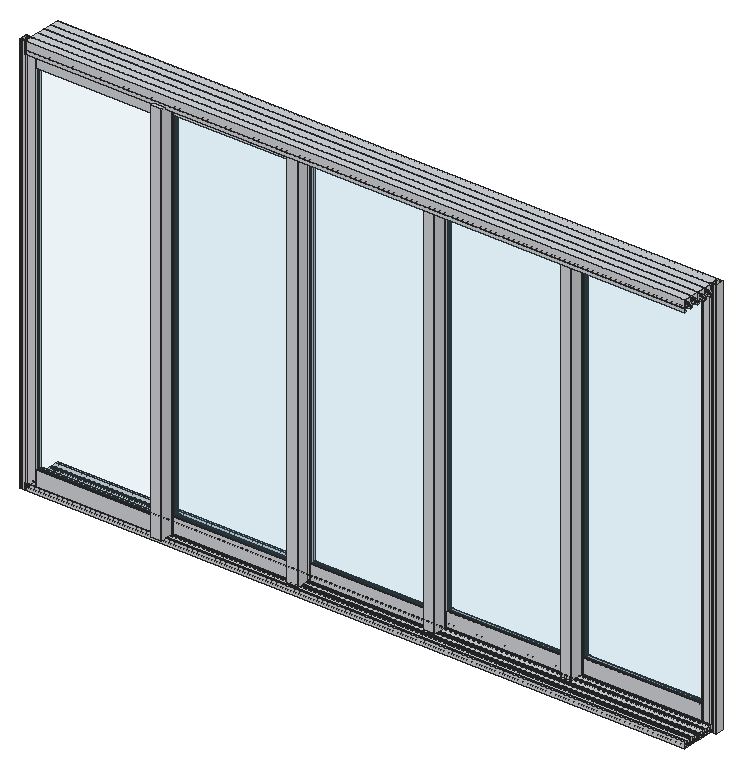
Revit family "MT-HB_SLIDING DOOR_XXXXX", category Doors, host Wall, Revit 2017 (continued)
Definition of nested family "DETAIL_HB_DETAIL 01"
  Lines and regions (mm)
    model lines, in view "Ref. Level"
      curve 283: arc (-6, -81.64, 0) -> (-6.707, -81.933, 0) -> (-7, -82.64, 0) r 1
      curve 284: arc (-9.75, -71.14, 0) -> (-10.457, -71.433, 0) -> (-10.75, -72.14, 0) r 1
      curve 285: arc (10.75, -72.14, 0) -> (10.457, -71.433, 0) -> (9.75, -71.14, 0) r 1
      curve 286: line (-4.124, -59.084, 0) -> (3.881, -58.484, 0)
      curve 287: line (-4.119, -59.833, 0) -> (3.891, -59.233, 0)
      curve 288: line (-4.124, -60.671, 0) -> (3.881, -60.071, 0)
      curve 289: line (-4.119, -61.421, 0) -> (3.881, -60.821, 0)
      curve 290: line (-4.119, -61.667, 0) -> (-4.119, -61.421, 0)
      curve 291: line (-4.119, -60.099, 0) -> (-4.119, -59.833, 0)
      curve 292: line (3.881, -58.229, 0) -> (3.881, -58.484, 0)
      curve 293: line (3.881, -59.817, 0) -> (3.881, -60.071, 0)
      curve 294: line (-4.124, -55.909, 0) -> (3.881, -55.309, 0)
      curve 295: line (-4.119, -56.658, 0) -> (3.891, -56.058, 0)
      curve 296: line (-4.124, -57.496, 0) -> (3.881, -56.896, 0)
      curve 297: line (-4.119, -58.246, 0) -> (3.881, -57.646, 0)
      curve 298: line (-4.119, -58.512, 0) -> (-4.119, -58.246, 0)
      curve 299: line (-4.119, -56.924, 0) -> (-4.119, -56.658, 0)
      curve 300: line (3.881, -55.054, 0) -> (3.881, -55.309, 0)
      curve 301: line (3.881, -56.642, 0) -> (3.881, -56.896, 0)
      curve 302: line (-4.135, -52.754, 0) -> (3.871, -52.154, 0)
      curve 303: line (-4.129, -53.503, 0) -> (3.88, -52.903, 0)
      curve 304: line (-4.135, -54.341, 0) -> (3.871, -53.741, 0)
      curve 305: line (-4.129, -55.091, 0) -> (3.871, -54.491, 0)
      curve 306: line (-4.129, -55.331, 0) -> (-4.129, -55.091, 0)
      curve 307: line (-4.129, -53.769, 0) -> (-4.129, -53.503, 0)
      curve 308: line (3.871, -51.899, 0) -> (3.871, -52.154, 0)
      curve 309: line (3.871, -53.487, 0) -> (3.871, -53.741, 0)
      curve 310: line (-4.145, -49.598, 0) -> (-0.82, -49.34, 0)
      curve 311: line (-4.139, -50.348, 0) -> (3.869, -49.748, 0)
      curve 312: line (-4.145, -51.186, 0) -> (3.861, -50.586, 0)
      curve 313: line (-4.139, -51.935, 0) -> (3.861, -51.336, 0)
      curve 314: line (-4.139, -52.176, 0) -> (-4.139, -51.935, 0)
      curve 315: line (-4.139, -50.614, 0) -> (-4.139, -50.348, 0)
      curve 316: line (3.861, -50.332, 0) -> (3.861, -50.586, 0)
      curve 317: line (0, -40.84, 0) -> (-10.5, -40.84, 0)
      curve 318: line (-10.5, -40.84, 0) -> (-11, -41.34, 0)
      curve 319: line (-11, -41.34, 0) -> (-11, -48.84, 0)
      curve 320: line (-11, -48.84, 0) -> (-10.5, -49.34, 0)
      curve 321: line (-10.5, -49.34, 0) -> (10.5, -49.34, 0)
      curve 322: line (10.5, -49.34, 0) -> (11, -48.84, 0)
      curve 323: line (11, -48.84, 0) -> (11, -41.34, 0)
      curve 324: line (11, -41.34, 0) -> (10.5, -40.84, 0)
      curve 325: line (10.5, -40.84, 0) -> (0, -40.84, 0)
      curve 326: line (5.5, -40.84, 0) -> (5.5, -39.04, 0)
      curve 327: line (5.5, -39.04, 0) -> (5, -38.54, 0)
      curve 328: line (5, -38.54, 0) -> (5.577, -37.54, 0)
      curve 329: line (-5.577, -37.54, 0) -> (-5, -38.54, 0)
      curve 330: line (-5, -38.54, 0) -> (-5.5, -39.04, 0)
      curve 331: line (-5.5, -39.04, 0) -> (-5.5, -40.84, 0)
      curve 332: line (15.5, -18.29, 0) -> (15, -18.29, 0)
      curve 333: line (15, -18.29, 0) -> (14.5, -18.79, 0)
      curve 334: line (14.5, -31.29, 0) -> (15, -31.79, 0)
      curve 335: line (15, -31.79, 0) -> (15.5, -31.79, 0)
      curve 336: line (-15.5, -31.79, 0) -> (-15, -31.79, 0)
      curve 337: line (-15, -31.79, 0) -> (-14.5, -31.29, 0)
      curve 338: line (-14.5, -18.79, 0) -> (-15, -18.29, 0)
      curve 339: line (-15, -18.29, 0) -> (-15.5, -18.29, 0)
      curve 340: line (-14.5, -17.04, 0) -> (-14.5, -33.04, 0)
      curve 341: line (-14.5, -33.04, 0) -> (-14, -33.54, 0)
      curve 342: line (-14, -33.54, 0) -> (14, -33.54, 0)
      curve 343: line (14, -33.54, 0) -> (14.5, -33.04, 0)
      curve 344: line (14.5, -33.04, 0) -> (14.5, -17.04, 0)
      curve 345: line (14.5, -17.04, 0) -> (14, -16.54, 0)
      curve 346: line (14, -16.54, 0) -> (-14, -16.54, 0)
      curve 347: line (-14, -16.54, 0) -> (-14.5, -17.04, 0)
      curve 348: line (-7.5, -37.54, 0) -> (-7.5, -40.241, 0)
      curve 349: line (-7.5, -40.241, 0) -> (-7.244, -40.241, 0)
      curve 350: line (7.244, -40.241, 0) -> (7.5, -40.241, 0)
      curve 351: line (7.5, -40.241, 0) -> (7.5, -37.54, 0)
      curve 352: line (7.94, -70.245, 0) -> (7.94, -66.912, 0)
      curve 353: line (7.94, -66.912, 0) -> (6.776, -66.24, 0)
      curve 354: line (6.776, -66.24, 0) -> (0, -66.24, 0)
      curve 355: line (0, -66.24, 0) -> (-6.776, -66.24, 0)
      curve 356: line (-6.776, -66.24, 0) -> (-7.94, -66.912, 0)
      curve 357: line (-7.94, -66.912, 0) -> (-7.94, -70.24, 0)
      curve 358: line (9, -71.04, 0) -> (8.9, -70.24, 0)
      curve 359: line (8.9, -70.24, 0) -> (-9, -70.34, 0)
      curve 360: line (-9, -70.34, 0) -> (-9, -71.04, 0)
      curve 361: line (4.989, -74.051, 0) -> (4.711, -73.89, 0)
      curve 362: line (4.711, -73.89, 0) -> (-4.711, -73.89, 0)
      curve 363: line (-4.711, -73.89, 0) -> (-5, -74.057, 0)
      curve 364: line (-2.95, -88.64, 0) -> (-2.95, -89.29, 0)
      curve 365: line (-2.95, -89.29, 0) -> (-2.2, -90.04, 0)
      curve 366: line (-2.2, -90.04, 0) -> (2.2, -90.04, 0)
      curve 367: line (2.2, -90.04, 0) -> (2.95, -89.29, 0)
      curve 368: line (2.95, -89.29, 0) -> (2.95, -88.64, 0)
      curve 369: line (6, -78.64, 0) -> (6, -78.04, 0)
      curve 370: line (6, -78.04, 0) -> (0, -78.04, 0)
      curve 371: line (0, -78.04, 0) -> (-6, -78.04, 0)
      curve 372: line (-6, -78.04, 0) -> (-6, -78.64, 0)
      curve 373: line (4.01, -66.209, 0) -> (3.773, -66.085, 0)
      curve 374: line (3.773, -66.085, 0) -> (3.75, -65.909, 0)
      curve 375: line (3.772, -65.851, 0) -> (4.01, -65.726, 0)
      curve 376: line (4.01, -65.726, 0) -> (4, -64.896, 0)
      curve 377: line (4.01, -64.622, 0) -> (3.773, -64.497, 0)
      curve 378: line (3.773, -64.497, 0) -> (3.75, -64.321, 0)
      curve 379: line (3.772, -64.263, 0) -> (4.01, -64.138, 0)
      curve 380: line (4.01, -64.138, 0) -> (4, -63.308, 0)
      curve 381: line (4.01, -63.034, 0) -> (3.773, -62.91, 0)
      curve 382: line (3.773, -62.91, 0) -> (3.75, -62.734, 0)
      curve 383: line (3.772, -62.676, 0) -> (4.01, -62.551, 0)
      curve 384: line (4.01, -62.551, 0) -> (4, -61.721, 0)
      curve 385: line (-4, -64.924, 0) -> (-3.804, -65.027, 0)
      curve 386: line (-3.804, -65.027, 0) -> (-3.723, -65.219, 0)
      curve 387: line (-3.803, -65.326, 0) -> (-4.006, -65.433, 0)
      curve 388: line (-4.006, -65.433, 0) -> (-4, -66.24, 0)
      curve 389: line (-4, -63.336, 0) -> (-3.804, -63.439, 0)
      curve 390: line (-3.804, -63.439, 0) -> (-3.723, -63.631, 0)
      curve 391: line (-3.803, -63.739, 0) -> (-4.006, -63.845, 0)
      curve 392: line (-4.006, -63.845, 0) -> (-4, -64.658, 0)
      curve 393: line (-4.008, -61.745, 0) -> (-3.804, -61.852, 0)
      curve 394: line (-3.804, -61.852, 0) -> (-3.75, -62.057, 0)
      curve 395: line (-3.803, -62.151, 0) -> (-4.006, -62.258, 0)
      curve 396: line (-4.006, -62.258, 0) -> (-4, -63.07, 0)
      curve 397: line (11, -41.34, 0) -> (0, -41.34, 0)
      curve 398: line (0, -41.34, 0) -> (-11, -41.34, 0)
      curve 399: line (-11, -48.84, 0) -> (11, -48.84, 0)
      curve 400: line (5.5, -39.04, 0) -> (0, -39.04, 0)
      curve 401: line (0, -39.04, 0) -> (-5.5, -39.04, 0)
      curve 402: line (5, -38.54, 0) -> (-5, -38.54, 0)
      curve 403: line (-5, -38.54, 0) -> (0, -38.54, 0)
      curve 404: line (0, -38.54, 0) -> (5, -38.54, 0)
      curve 405: line (-1.195, -29.704, 0) -> (-0.677, -28.257, 0)
      curve 406: line (0.676, -28.255, 0) -> (1.195, -29.704, 0)
      curve 407: line (3.441, -28.407, 0) -> (2.488, -27.283, 0)
      curve 408: line (2.467, -22.822, 0) -> (3.441, -21.673, 0)
      curve 409: line (1.195, -20.376, 0) -> (0.676, -21.825, 0)
      curve 410: line (-0.676, -21.825, 0) -> (-1.195, -20.376, 0)
      curve 411: line (-3.441, -21.673, 0) -> (-2.473, -22.815, 0)
      curve 412: line (-3.152, -24.013, 0) -> (-4.636, -23.743, 0)
      curve 413: line (-4.636, -26.337, 0) -> (-3.138, -26.065, 0)
      curve 414: line (-2.461, -27.251, 0) -> (-3.441, -28.407, 0)
      curve 415: line (26.5, -7.202, 0) -> (26.5, -42.878, 0)
      curve 416: line (15.5, -42.878, 0) -> (15.5, -7.202, 0)
      curve 417: line (15, -18.29, 0) -> (15, -31.79, 0)
      curve 418: line (-15.5, -7.202, 0) -> (-15.5, -42.878, 0)
      curve 419: line (-26.5, -42.878, 0) -> (-26.5, -7.202, 0)
      curve 420: line (-15, -31.79, 0) -> (-15, -18.29, 0)
      curve 421: line (-5.942, -19.684, 0) -> (-4.108, -19.684, 0)
      curve 422: line (4.108, -19.684, 0) -> (5.942, -19.684, 0)
      curve 423: line (5.942, -30.396, 0) -> (4.108, -30.396, 0)
      curve 424: line (-4.108, -30.396, 0) -> (-5.942, -30.396, 0)
      curve 425: line (-14, -16.54, 0) -> (-14, -33.54, 0)
      curve 426: line (14, -33.54, 0) -> (14, -16.54, 0)
      curve 427: line (-8.5, -37.54, 0) -> (-8.5, -34.54, 0)
      curve 428: line (-8.5, -34.54, 0) -> (-2.5, -34.54, 0)
      curve 429: line (-2.5, -34.54, 0) -> (2.5, -34.54, 0)
      curve 430: line (2.5, -34.54, 0) -> (8.5, -34.54, 0)
      curve 431: line (8.5, -34.54, 0) -> (8.5, -37.54, 0)
      curve 432: line (8.5, -37.54, 0) -> (2.5, -37.54, 0)
      curve 433: line (2.5, -37.54, 0) -> (-2.5, -37.54, 0)
      curve 434: line (-2.5, -37.54, 0) -> (-8.5, -37.54, 0)
      curve 435: line (3.145, -24.014, 0) -> (4.637, -23.743, 0)
      curve 436: line (4.637, -23.743, 0) -> (4.833, -24.233, 0)
      curve 437: line (4.833, -24.233, 0) -> (4.9, -25.04, 0)
      curve 438: line (4.9, -25.04, 0) -> (4.833, -25.847, 0)
      curve 439: line (4.833, -25.847, 0) -> (4.723, -26.344, 0)
      curve 440: line (4.723, -26.344, 0) -> (3.164, -26.069, 0)
      curve 441: line (4.228, -26.257, 0) -> (4.333, -25.804, 0)
      curve 442: line (4.333, -25.804, 0) -> (4.4, -25.04, 0)
      curve 443: line (4.4, -25.04, 0) -> (4.333, -24.276, 0)
      curve 444: line (4.333, -24.276, 0) -> (4.227, -23.818, 0)
      curve 445: line (-8.5, -34.54, 0) -> (-8.5, -33.54, 0)
      curve 446: line (8.5, -34.54, 0) -> (8.5, -33.54, 0)
      curve 447: line (3.97, -66.912, 0) -> (3.97, -70.24, 0)
      curve 448: line (-3.97, -66.912, 0) -> (-3.97, -70.24, 0)
      curve 449: line (4.814, -78.04, 0) -> (4.814, -74.49, 0)
      curve 450: line (-0.317, -78.04, 0) -> (-0.317, -74.49, 0)
      curve 451: line (-5.13, -78.04, 0) -> (-5.13, -74.49, 0)
      curve 452: line (2.95, -89.29, 0) -> (-2.95, -89.29, 0)
      curve 453: line (5.13, -78.04, 0) -> (5.13, -74.49, 0)
      curve 454: line (8.75, -81.64, 0) -> (-8.75, -81.64, 0)
      curve 455: line (-8.75, -81.64, 0) -> (-10.75, -81.64, 0)
      curve 456: line (-10.75, -81.64, 0) -> (-10.75, -78.64, 0)
      curve 457: line (-10.75, -78.64, 0) -> (-8.75, -78.64, 0)
      curve 458: line (-8.75, -78.64, 0) -> (8.75, -78.64, 0)
      curve 459: line (8.75, -78.64, 0) -> (10.75, -78.64, 0)
      curve 460: line (10.75, -78.64, 0) -> (10.75, -81.64, 0)
      curve 461: line (10.75, -81.64, 0) -> (8.75, -81.64, 0)
      curve 462: line (9.5, -85.14, 0) -> (9.5, -87.64, 0)
      curve 463: line (8.5, -88.64, 0) -> (4.5, -88.64, 0)
      curve 464: line (4.5, -88.64, 0) -> (-4.5, -88.64, 0)
      curve 465: line (-4.5, -88.64, 0) -> (-8.5, -88.64, 0)
      curve 466: line (-9.5, -87.64, 0) -> (-9.5, -85.14, 0)
      curve 467: line (7, -81.64, 0) -> (7, -82.64, 0)
      curve 468: line (7, -82.64, 0) -> (7, -84.64, 0)
      curve 469: line (7, -84.64, 0) -> (9, -84.64, 0)
      curve 470: line (-9, -84.64, 0) -> (-6.999, -84.64, 0)
      curve 471: line (-6.999, -84.64, 0) -> (-6.999, -82.64, 0)
      curve 472: line (-6.999, -82.64, 0) -> (-6.999, -81.64, 0)
      curve 473: line (-9.75, -71.14, 0) -> (9.75, -71.14, 0)
      curve 474: line (10.75, -72.14, 0) -> (10.75, -78.64, 0)
      curve 475: line (-10.75, -78.64, 0) -> (-10.75, -72.14, 0)
      curve 476: line (2.484, -25.04, 0) -> (0, -25.04, 0)
      curve 477: line (0, -25.04, 0) -> (-2.484, -25.04, 0)
      curve 478: line (3.892, -59.797, 0) -> (3.655, -59.673, 0)
      curve 479: line (3.655, -59.673, 0) -> (3.631, -59.497, 0)
      curve 480: line (3.653, -59.439, 0) -> (3.892, -59.314, 0)
      curve 481: line (3.892, -59.314, 0) -> (3.881, -58.484, 0)
      curve 482: line (3.892, -58.21, 0) -> (3.662, -58.089, 0)
      curve 483: line (-4.119, -60.099, 0) -> (-3.922, -60.202, 0)
      curve 484: line (-3.922, -60.202, 0) -> (-3.842, -60.394, 0)
      curve 485: line (-3.922, -60.501, 0) -> (-4.125, -60.608, 0)
      curve 486: line (-4.125, -60.608, 0) -> (-4.119, -61.421, 0)
      curve 487: line (-4.119, -58.512, 0) -> (-3.922, -58.615, 0)
      curve 488: line (-3.922, -58.615, 0) -> (-3.869, -58.82, 0)
      curve 489: line (-3.922, -58.914, 0) -> (-4.125, -59.021, 0)
      curve 490: line (-4.125, -59.021, 0) -> (-4.119, -59.833, 0)
      curve 491: line (3.881, -60.071, 0) -> (3.881, -60.821, 0)
      curve 492: line (3.881, -60.821, 0) -> (3.772, -61.088, 0)
      curve 493: line (3.75, -61.146, 0) -> (3.773, -61.322, 0)
      curve 494: line (3.773, -61.322, 0) -> (4.01, -61.447, 0)
      curve 495: line (4.01, -61.447, 0) -> (3.773, -61.322, 0)
      curve 496: line (3.892, -56.622, 0) -> (3.655, -56.498, 0)
      curve 497: line (3.655, -56.498, 0) -> (3.631, -56.322, 0)
      curve 498: line (3.653, -56.264, 0) -> (3.892, -56.139, 0)
      curve 499: line (3.892, -56.139, 0) -> (3.881, -55.309, 0)
      curve 500: line (3.892, -55.035, 0) -> (3.662, -54.914, 0)
      curve 501: line (-4.119, -56.924, 0) -> (-3.922, -57.027, 0)
      curve 502: line (-3.922, -57.027, 0) -> (-3.869, -57.233, 0)
      curve 503: line (-3.922, -57.326, 0) -> (-4.125, -57.433, 0)
      curve 504: line (-4.125, -57.433, 0) -> (-4.119, -58.246, 0)
      curve 505: line (-4.129, -55.331, 0) -> (-3.922, -55.44, 0)
      curve 506: line (-3.922, -55.44, 0) -> (-3.869, -55.645, 0)
      curve 507: line (-3.922, -55.739, 0) -> (-4.125, -55.846, 0)
      curve 508: line (-4.125, -55.846, 0) -> (-4.119, -56.658, 0)
      curve 509: line (3.881, -56.896, 0) -> (3.881, -57.646, 0)
      curve 510: line (3.881, -53.467, 0) -> (3.644, -53.343, 0)
      curve 511: line (3.644, -53.343, 0) -> (3.621, -53.166, 0)
      curve 512: line (3.643, -53.108, 0) -> (3.881, -52.983, 0)
      curve 513: line (3.881, -52.983, 0) -> (3.871, -52.154, 0)
      curve 514: line (-4.129, -53.769, 0) -> (-3.933, -53.872, 0)
      curve 515: line (-3.933, -53.872, 0) -> (-3.852, -54.064, 0)
      curve 516: line (-3.932, -54.171, 0) -> (-4.135, -54.278, 0)
      curve 517: line (-4.135, -54.278, 0) -> (-4.129, -55.091, 0)
      curve 518: line (-4.139, -52.176, 0) -> (-3.933, -52.284, 0)
      curve 519: line (-3.933, -52.284, 0) -> (-3.852, -52.477, 0)
      curve 520: line (-3.932, -52.584, 0) -> (-4.135, -52.691, 0)
      curve 521: line (-4.135, -52.691, 0) -> (-4.129, -53.503, 0)
      curve 522: line (3.871, -53.741, 0) -> (3.871, -54.491, 0)
      curve 523: line (3.871, -50.312, 0) -> (3.634, -50.187, 0)
      curve 524: line (3.634, -50.187, 0) -> (3.611, -50.011, 0)
      curve 525: line (3.632, -49.953, 0) -> (3.871, -49.828, 0)
      curve 526: line (3.871, -49.828, 0) -> (3.861, -49.34, 0)
      curve 527: line (-4.139, -50.614, 0) -> (-3.943, -50.717, 0)
      curve 528: line (-3.943, -50.717, 0) -> (-3.863, -50.909, 0)
      curve 529: line (-3.942, -51.016, 0) -> (-4.146, -51.123, 0)
      curve 530: line (-4.146, -51.123, 0) -> (-4.139, -51.935, 0)
      curve 531: line (-3.942, -49.429, 0) -> (-4.146, -49.536, 0)
      curve 532: line (-4.146, -49.536, 0) -> (-4.139, -50.348, 0)
      curve 533: line (3.861, -50.586, 0) -> (3.861, -51.336, 0)
      curve 534: line (3.861, -51.336, 0) -> (3.643, -51.521, 0)
      curve 535: line (3.621, -51.579, 0) -> (3.644, -51.755, 0)
      curve 536: line (3.644, -51.755, 0) -> (3.881, -51.879, 0)
      curve 537: line (27.703, -82.923, 0) -> (26.903, -82.923, 0)
      curve 538: line (26.903, -82.923, 0) -> (26.903, -76.023, 0)
      curve 539: line (26.903, -76.023, 0) -> (27.703, -76.023, 0)
      curve 540: line (27.703, -76.023, 0) -> (27.703, -82.923, 0)
      curve 541: line (20.703, -79.473, 0) -> (26.903, -79.473, 0)
      curve 542: line (26.903, -79.473, 0) -> (20.703, -79.473, 0)
      curve 543: line (20.703, -79.473, 0) -> (26.903, -79.473, 0)
      curve 544: line (26.903, -79.473, 0) -> (20.703, -79.473, 0)
      curve 545: line (26.903, -80.193, 0) -> (20.706, -80.401, 0)
      curve 546: line (26.903, -80.913, 0) -> (20.713, -81.276, 0)
      curve 547: line (26.903, -81.633, 0) -> (20.74, -82.307, 0)
      curve 548: line (26.903, -78.753, 0) -> (20.706, -78.545, 0)
      curve 549: line (26.903, -78.033, 0) -> (20.713, -77.67, 0)
      curve 550: line (26.903, -77.313, 0) -> (20.74, -76.639, 0)
      curve 551: line (-27.722, -75.967, 0) -> (-26.922, -75.967, 0)
      curve 552: line (-26.922, -75.967, 0) -> (-26.922, -82.867, 0)
      curve 553: line (-26.922, -82.867, 0) -> (-27.722, -82.867, 0)
      curve 554: line (-27.722, -82.867, 0) -> (-27.722, -75.967, 0)
      curve 555: line (-20.722, -79.417, 0) -> (-26.922, -79.417, 0)
      curve 556: line (-26.922, -79.417, 0) -> (-20.722, -79.417, 0)
      curve 557: line (-20.722, -79.417, 0) -> (-26.922, -79.417, 0)
      curve 558: line (-26.922, -79.417, 0) -> (-20.722, -79.417, 0)
      curve 559: line (-26.922, -78.697, 0) -> (-20.724, -78.489, 0)
      curve 560: line (-26.922, -77.977, 0) -> (-20.731, -77.614, 0)
      curve 561: line (-26.922, -77.257, 0) -> (-20.759, -76.584, 0)
      curve 562: line (-26.922, -80.137, 0) -> (-20.724, -80.345, 0)
      curve 563: line (-26.922, -80.857, 0) -> (-20.731, -81.22, 0)
      curve 564: line (-26.922, -81.577, 0) -> (-20.759, -82.251, 0)
Definition of nested family "DETAIL_ARROW"
  Reference planes
    plane 1 "Center (Front/Back)": y = 0
    plane 2: z = 0
    plane 3 "Center (Left/Right)": x = 0
  Lines and regions (mm)
    detail lines, in view "Ref. Level"
      curve 1: line (-100, 20, 0) -> (100, 20, 0)
      curve 2: line (-100, -20, 0) -> (100, -20, 0)
      curve 3: line (-100, -20, 0) -> (-100, 20, 0)
      curve 4: line (100, 20, 0) -> (52.86, 67.14, 0)
      curve 5: line (100, -20, 0) -> (52.86, -67.14, 0)
      curve 6: line (176.569, 0, 0) -> (81.144, -95.425, 0)
      curve 7: line (176.569, 0, 0) -> (81.144, 95.425, 0)
      curve 8: line (52.86, 67.14, 0) -> (81.144, 95.425, 0)
      curve 9: line (52.86, -67.14, 0) -> (81.144, -95.425, 0)
Definition of nested family "DETAIL_HB_SILL FRAME"
  Reference planes
    plane 1 "Center (Front/Back)": y = 0
    plane 2: z = 0
    plane 3 "Center (Left/Right)": x = 0
  Lines and regions (mm)
    model lines, in view "Ref. Level"
      curve 1: arc (17.2, 44.6, 0) -> (17.083, 44.883, 0) -> (16.8, 45, 0) r 0.4
      curve 2: arc (16.2, 42.55, 0) -> (16.7, 42.05, 0) -> (17.2, 42.55, 0) r 0.5
      curve 3: arc (17.2, 36.95, 0) -> (16.7, 37.45, 0) -> (16.2, 36.95, 0) r 0.5
      curve 4: arc (16.2, 34.5, 0) -> (16.907, 34.793, 0) -> (17.2, 35.5, 0) r 1
      curve 5: arc (15.3, 34.5, 0) -> (14.946, 34.354, 0) -> (14.8, 34, 0) r 0.5
      curve 6: arc (14.448, 20.479, 0) -> (14.693, 20.544, 0) -> (14.8, 20.774, 0) r 0.3
      curve 7: arc (13.187, 20.701, 0) -> (13.092, 20.695, 0) -> (13.011, 20.645, 0) r 0.2
      curve 8: arc (11.727, 17.75, 0) -> (11.874, 17.396, 0) -> (12.228, 17.25, 0) r 0.5
      curve 9: arc (12.229, 16.05, 0) -> (12.829, 16.651, 0) -> (12.228, 17.25, 0) r 0.6
      curve 10: arc (10.527, 17.05, 0) -> (10.82, 16.343, 0) -> (11.527, 16.05, 0) r 1
      curve 11: arc (10.82, 20.152, 0) -> (10.603, 19.828, 0) -> (10.527, 19.445, 0) r 1
      curve 12: arc (13.4, 42, 0) -> (13.107, 42.707, 0) -> (12.4, 43, 0) r 1
      curve 13: arc (2.89, 43, 0) -> (2.74, 42.96, 0) -> (2.63, 42.85, 0) r 0.3
      curve 14: arc (2.37, 42.7, 0) -> (2.52, 42.74, 0) -> (2.63, 42.85, 0) r 0.3
      curve 15: arc (0.89, 43, 0) -> (0.978, 42.788, 0) -> (1.19, 42.7, 0) r 0.3
      curve 16: arc (0.89, 43, 0) -> (0.802, 43.212, 0) -> (0.59, 43.3, 0) r 0.3
      curve 17: arc (-0.59, 43.3, 0) -> (-0.74, 43.26, 0) -> (-0.85, 43.15, 0) r 0.3
      curve 18: arc (-1.11, 43, 0) -> (-0.96, 43.04, 0) -> (-0.85, 43.15, 0) r 0.3
      curve 19: arc (-12.4, 43, 0) -> (-13.107, 42.707, 0) -> (-13.4, 42, 0) r 1
      curve 20: arc (-14.4, 15, 0) -> (-13.693, 15.293, 0) -> (-13.4, 16, 0) r 1
      curve 21: arc (-17.43, 16.4, 0) -> (-18.13, 15.7, 0) -> (-17.43, 15, 0) r 0.7
      curve 22: arc (-15.3, 16.4, 0) -> (-14.946, 16.546, 0) -> (-14.8, 16.9, 0) r 0.5
      curve 23: arc (-14.8, 34, 0) -> (-14.946, 34.354, 0) -> (-15.3, 34.5, 0) r 0.5
      curve 24: arc (-17.2, 35.5, 0) -> (-16.907, 34.793, 0) -> (-16.2, 34.5, 0) r 1
      curve 25: arc (-16.2, 36.95, 0) -> (-16.7, 37.45, 0) -> (-17.2, 36.95, 0) r 0.5
      curve 26: arc (-17.2, 42.55, 0) -> (-16.7, 42.05, 0) -> (-16.2, 42.55, 0) r 0.5
      curve 27: arc (-16.8, 45, 0) -> (-17.083, 44.883, 0) -> (-17.2, 44.6, 0) r 0.4
      curve 28: arc (-13.498, 44.8, 0) -> (-13.557, 44.941, 0) -> (-13.698, 45, 0) r 0.2
      curve 29: arc (-10.298, 45, 0) -> (-10.44, 44.941, 0) -> (-10.498, 44.8, 0) r 0.2
      curve 30: arc (-5.499, 44.8, 0) -> (-5.558, 44.941, 0) -> (-5.699, 45, 0) r 0.2
      curve 31: arc (-2.3, 45, 0) -> (-2.441, 44.941, 0) -> (-2.5, 44.8, 0) r 0.2
      curve 32: arc (2.5, 44.8, 0) -> (2.441, 44.941, 0) -> (2.3, 45, 0) r 0.2
      curve 33: arc (5.699, 45, 0) -> (5.558, 44.941, 0) -> (5.499, 44.8, 0) r 0.2
      curve 34: arc (10.498, 44.8, 0) -> (10.44, 44.941, 0) -> (10.298, 45, 0) r 0.2
      curve 35: arc (13.698, 45, 0) -> (13.557, 44.941, 0) -> (13.498, 44.8, 0) r 0.2
      curve 36: line (17.2, 44.6, 0) -> (17.2, 42.55, 0)
      curve 37: line (16.2, 42.55, 0) -> (16.2, 43.5, 0)
      curve 38: line (16.2, 43.5, 0) -> (14.9, 43.5, 0)
      curve 39: line (14.9, 43.5, 0) -> (14.9, 36, 0)
      curve 40: line (14.9, 36, 0) -> (16.2, 36, 0)
      curve 41: line (16.2, 36, 0) -> (16.2, 36.95, 0)
      curve 42: line (17.2, 36.95, 0) -> (17.2, 35.5, 0)
      curve 43: line (16.2, 34.5, 0) -> (15.3, 34.5, 0)
      curve 44: line (14.8, 34, 0) -> (14.8, 20.774, 0)
      curve 45: line (14.448, 20.479, 0) -> (13.187, 20.701, 0)
      curve 46: line (13.011, 20.645, 0) -> (11.786, 19.42, 0)
      curve 47: line (11.786, 19.42, 0) -> (11.727, 17.75, 0)
      curve 48: line (12.229, 16.05, 0) -> (11.527, 16.05, 0)
      curve 49: line (10.527, 17.05, 0) -> (10.527, 19.445, 0)
      curve 50: line (10.82, 20.152, 0) -> (13.341, 22.673, 0)
      curve 51: line (13.341, 22.673, 0) -> (13.4, 42, 0)
      curve 52: line (12.4, 43, 0) -> (2.89, 43, 0)
      curve 53: line (2.37, 42.7, 0) -> (1.19, 42.7, 0)
      curve 54: line (0.59, 43.3, 0) -> (-0.59, 43.3, 0)
      curve 55: line (-1.11, 43, 0) -> (-12.4, 43, 0)
      curve 56: line (-13.4, 42, 0) -> (-13.4, 16, 0)
      curve 57: line (-14.4, 15, 0) -> (-17.43, 15, 0)
      curve 58: line (-17.43, 16.4, 0) -> (-15.3, 16.4, 0)
      curve 59: line (-14.8, 16.9, 0) -> (-14.8, 34, 0)
      curve 60: line (-15.3, 34.5, 0) -> (-16.2, 34.5, 0)
      curve 61: line (-17.2, 35.5, 0) -> (-17.2, 36.95, 0)
      curve 62: line (-16.2, 36.95, 0) -> (-16.2, 36, 0)
      curve 63: line (-16.2, 36, 0) -> (-14.9, 36, 0)
      curve 64: line (-14.9, 36, 0) -> (-14.9, 43.5, 0)
      curve 65: line (-14.9, 43.5, 0) -> (-16.2, 43.5, 0)
      curve 66: line (-16.2, 43.5, 0) -> (-16.2, 42.55, 0)
      curve 67: line (-17.2, 42.55, 0) -> (-17.2, 44.6, 0)
      curve 68: line (-16.8, 45, 0) -> (-13.698, 45, 0)
      curve 69: line (-13.498, 44.8, 0) -> (-13.498, 44.5, 0)
      curve 70: line (-13.498, 44.5, 0) -> (-10.498, 44.5, 0)
      curve 71: line (-10.498, 44.5, 0) -> (-10.498, 44.8, 0)
      curve 72: line (-10.298, 45, 0) -> (-5.699, 45, 0)
      curve 73: line (-5.499, 44.8, 0) -> (-5.499, 44.5, 0)
      curve 74: line (-5.499, 44.5, 0) -> (-2.5, 44.5, 0)
      curve 75: line (-2.5, 44.5, 0) -> (-2.5, 44.8, 0)
      curve 76: line (-2.3, 45, 0) -> (2.3, 45, 0)
      curve 77: line (2.5, 44.8, 0) -> (2.5, 44.5, 0)
      curve 78: line (2.5, 44.5, 0) -> (5.499, 44.5, 0)
      curve 79: line (5.499, 44.5, 0) -> (5.499, 44.8, 0)
      curve 80: line (5.699, 45, 0) -> (10.298, 45, 0)
      curve 81: line (10.498, 44.8, 0) -> (10.498, 44.5, 0)
      curve 82: line (10.498, 44.5, 0) -> (13.498, 44.5, 0)
      curve 83: line (13.498, 44.5, 0) -> (13.498, 44.8, 0)
      curve 84: line (13.698, 45, 0) -> (16.8, 45, 0)
      curve 85: arc (-25.538, 42.55, 0) -> (-26.038, 42.05, 0) -> (-26.538, 42.55, 0) r 0.5
      curve 86: arc (-26.538, 36.95, 0) -> (-26.038, 37.45, 0) -> (-25.538, 36.95, 0) r 0.5
      curve 87: arc (-25.538, 35.5, 0) -> (-25.831, 34.793, 0) -> (-26.538, 34.5, 0) r 1
      curve 88: arc (-28.438, 34.5, 0) -> (-28.791, 34.354, 0) -> (-28.938, 34, 0) r 0.5
      curve 89: arc (-28.938, 19.06, 0) -> (-28.645, 18.353, 0) -> (-27.938, 18.06, 0) r 1
      curve 90: arc (-25.036, 18.06, 0) -> (-24.798, 17.943, 0) -> (-24.746, 17.682, 0) r 0.3
      curve 91: arc (-21.136, 16.561, 0) -> (-20.386, 15.811, 0) -> (-21.136, 15.061, 0) r 0.75
      curve 92: arc (-22.681, 15.061, 0) -> (-22.934, 14.922, 0) -> (-22.952, 14.634, 0) r 0.3
      curve 93: arc (-22.952, 14.634, 0) -> (-22.72, 13.996, 0) -> (-22.603, 13.327, 0) r 3.85
      curve 94: arc (-22.603, 13.327, 0) -> (-23.402, 12.382, 0) -> (-24.347, 13.18, 0) r 0.875
      curve 95: arc (-24.347, 13.18, 0) -> (-24.432, 13.619, 0) -> (-24.608, 14.03, 0) r 2.1
      curve 96: arc (-24.608, 14.03, 0) -> (-24.656, 14.148, 0) -> (-24.672, 14.275, 0) r 0.5
      curve 97: arc (-25.168, 14.771, 0) -> (-25.294, 14.787, 0) -> (-25.413, 14.835, 0) r 0.5
      curve 98: arc (-25.413, 14.835, 0) -> (-25.896, 15.032, 0) -> (-26.413, 15.103, 0) r 2.1
      curve 99: arc (-26.413, 15.103, 0) -> (-26.54, 15.121, 0) -> (-26.657, 15.17, 0) r 0.5
      curve 100: arc (-27.335, 14.988, 0) -> (-27.412, 14.887, 0) -> (-27.512, 14.808, 0) r 0.5
      curve 101: arc (-27.512, 14.808, 0) -> (-27.925, 14.488, 0) -> (-28.245, 14.076, 0) r 2.1
      curve 102: arc (-28.245, 14.076, 0) -> (-28.324, 13.975, 0) -> (-28.425, 13.898, 0) r 0.5
      curve 103: arc (-28.606, 13.221, 0) -> (-28.557, 13.103, 0) -> (-28.539, 12.977, 0) r 0.5
      curve 104: arc (-28.539, 12.977, 0) -> (-28.468, 12.46, 0) -> (-28.271, 11.976, 0) r 2.1
      curve 105: arc (-28.271, 11.976, 0) -> (-28.224, 11.858, 0) -> (-28.207, 11.731, 0) r 0.5
      curve 106: arc (-27.711, 11.235, 0) -> (-27.585, 11.219, 0) -> (-27.467, 11.171, 0) r 0.5
      curve 107: arc (-27.467, 11.171, 0) -> (-27.056, 10.995, 0) -> (-26.616, 10.911, 0) r 2.1
      curve 108: arc (-26.616, 10.911, 0) -> (-25.818, 9.965, 0) -> (-26.764, 9.167, 0) r 0.875
      curve 109: arc (-26.764, 9.167, 0) -> (-27.655, 9.35, 0) -> (-28.479, 9.738, 0) r 3.85
      curve 110: arc (-28.479, 9.738, 0) -> (-28.783, 9.746, 0) -> (-28.938, 9.483, 0) r 0.3
      curve 111: arc (-28.938, 3, 0) -> (-28.645, 2.293, 0) -> (-27.938, 2, 0) r 1
      curve 112: arc (90.258, 2, 0) -> (90.965, 2.293, 0) -> (91.258, 3, 0) r 1
      curve 113: arc (91.258, 9.484, 0) -> (91.103, 9.747, 0) -> (90.799, 9.739, 0) r 0.3
      curve 114: arc (90.799, 9.739, 0) -> (89.975, 9.35, 0) -> (89.082, 9.167, 0) r 3.85
      curve 115: arc (89.082, 9.167, 0) -> (88.137, 9.965, 0) -> (88.935, 10.911, 0) r 0.875
      curve 116: arc (88.935, 10.911, 0) -> (89.374, 10.995, 0) -> (89.785, 11.171, 0) r 2.1
      curve 117: arc (89.785, 11.171, 0) -> (89.903, 11.219, 0) -> (90.03, 11.235, 0) r 0.5
      curve 118: arc (90.526, 11.731, 0) -> (90.542, 11.858, 0) -> (90.59, 11.976, 0) r 0.5
      curve 119: arc (90.59, 11.976, 0) -> (90.786, 12.46, 0) -> (90.858, 12.977, 0) r 2.1
      curve 120: arc (90.858, 12.977, 0) -> (90.876, 13.103, 0) -> (90.925, 13.221, 0) r 0.5
      curve 121: arc (90.743, 13.898, 0) -> (90.642, 13.975, 0) -> (90.563, 14.076, 0) r 0.5
      curve 122: arc (90.563, 14.076, 0) -> (90.243, 14.488, 0) -> (89.831, 14.808, 0) r 2.1
      curve 123: arc (89.831, 14.808, 0) -> (89.73, 14.887, 0) -> (89.653, 14.988, 0) r 0.5
      curve 124: arc (88.975, 15.17, 0) -> (88.858, 15.121, 0) -> (88.732, 15.103, 0) r 0.5
      curve 125: arc (88.732, 15.103, 0) -> (88.214, 15.032, 0) -> (87.731, 14.835, 0) r 2.1
      curve 126: arc (87.731, 14.835, 0) -> (87.613, 14.787, 0) -> (87.486, 14.771, 0) r 0.5
      curve 127: arc (86.99, 14.275, 0) -> (86.974, 14.148, 0) -> (86.926, 14.03, 0) r 0.5
      curve 128: arc (86.926, 14.03, 0) -> (86.75, 13.619, 0) -> (86.665, 13.18, 0) r 2.1
      curve 129: arc (86.665, 13.18, 0) -> (85.72, 12.382, 0) -> (84.922, 13.327, 0) r 0.875
      curve 130: arc (84.922, 13.327, 0) -> (85.038, 13.996, 0) -> (85.271, 14.634, 0) r 3.85
      curve 131: arc (85.271, 14.634, 0) -> (85.252, 14.922, 0) -> (84.999, 15.061, 0) r 0.3
      curve 132: arc (83.456, 15.061, 0) -> (82.706, 15.811, 0) -> (83.456, 16.561, 0) r 0.75
      curve 133: arc (87.066, 17.682, 0) -> (87.118, 17.943, 0) -> (87.356, 18.06, 0) r 0.3
      curve 134: arc (90.258, 18.06, 0) -> (90.965, 18.353, 0) -> (91.258, 19.06, 0) r 1
      curve 135: arc (91.258, 34, 0) -> (91.111, 34.354, 0) -> (90.758, 34.5, 0) r 0.5
      curve 136: arc (88.858, 34.5, 0) -> (88.151, 34.793, 0) -> (87.858, 35.5, 0) r 1
      curve 137: arc (87.858, 36.95, 0) -> (88.358, 37.45, 0) -> (88.858, 36.95, 0) r 0.5
      curve 138: arc (88.858, 42.55, 0) -> (88.358, 42.05, 0) -> (87.858, 42.55, 0) r 0.5
      curve 139: arc (87.858, 44.7, 0) -> (87.946, 44.912, 0) -> (88.158, 45, 0) r 0.3
      curve 140: arc (92.758, 45, 0) -> (93.111, 44.854, 0) -> (93.258, 44.5, 0) r 0.5
      curve 141: arc (93.258, 0.4, 0) -> (93.141, 0.117, 0) -> (92.858, 0, 0) r 0.4
      curve 142: arc (-30.538, 0, 0) -> (-30.821, 0.117, 0) -> (-30.938, 0.4, 0) r 0.4
      curve 143: arc (-30.938, 44.5, 0) -> (-30.791, 44.854, 0) -> (-30.438, 45, 0) r 0.5
      curve 144: arc (-25.838, 45, 0) -> (-25.626, 44.912, 0) -> (-25.538, 44.7, 0) r 0.3
      curve 145: line (-26.538, 42.55, 0) -> (-26.538, 43.5, 0)
      curve 146: line (-26.538, 43.5, 0) -> (-27.838, 43.5, 0)
      curve 147: line (-27.838, 43.5, 0) -> (-27.838, 42.05, 0)
      curve 148: line (-27.838, 42.05, 0) -> (-28.938, 42.05, 0)
      curve 149: line (-28.938, 42.05, 0) -> (-28.938, 37.45, 0)
      curve 150: line (-28.938, 37.45, 0) -> (-27.838, 37.45, 0)
      curve 151: line (-27.838, 37.45, 0) -> (-27.838, 36, 0)
      curve 152: line (-27.838, 36, 0) -> (-26.538, 36, 0)
      curve 153: line (-26.538, 36, 0) -> (-26.538, 36.95, 0)
      curve 154: line (-25.538, 36.95, 0) -> (-25.538, 35.5, 0)
      curve 155: line (-26.538, 34.5, 0) -> (-28.438, 34.5, 0)
      curve 156: line (-28.938, 34, 0) -> (-28.938, 19.06, 0)
      curve 157: line (-27.938, 18.06, 0) -> (-25.036, 18.06, 0)
      curve 158: line (-24.746, 17.682, 0) -> (-25.047, 16.561, 0)
      curve 159: line (-25.047, 16.561, 0) -> (-21.136, 16.561, 0)
      curve 160: line (-21.136, 15.061, 0) -> (-22.681, 15.061, 0)
      curve 161: line (-24.672, 14.275, 0) -> (-24.672, 14.771, 0)
      curve 162: line (-24.672, 14.771, 0) -> (-25.168, 14.771, 0)
      curve 163: line (-26.657, 15.17, 0) -> (-27.087, 15.418, 0)
      curve 164: line (-27.087, 15.418, 0) -> (-27.335, 14.988, 0)
      curve 165: line (-28.425, 13.898, 0) -> (-28.854, 13.65, 0)
      curve 166: line (-28.854, 13.65, 0) -> (-28.606, 13.221, 0)
      curve 167: line (-28.207, 11.731, 0) -> (-28.207, 11.235, 0)
      curve 168: line (-28.207, 11.235, 0) -> (-27.711, 11.235, 0)
      curve 169: line (-28.938, 9.483, 0) -> (-28.938, 3, 0)
      curve 170: line (-27.938, 2, 0) -> (-0.235, 2, 0)
      curve 171: line (-0.235, 2, 0) -> (0.065, 1.7, 0)
      curve 172: line (0.065, 1.7, 0) -> (0.365, 2, 0)
      curve 173: line (0.365, 2, 0) -> (61.962, 2, 0)
      curve 174: line (61.962, 2, 0) -> (62.262, 1.7, 0)
      curve 175: line (62.262, 1.7, 0) -> (62.562, 2, 0)
      curve 176: line (62.562, 2, 0) -> (90.258, 2, 0)
      curve 177: line (91.258, 3, 0) -> (91.258, 9.484, 0)
      curve 178: line (90.03, 11.235, 0) -> (90.526, 11.235, 0)
      curve 179: line (90.526, 11.235, 0) -> (90.526, 11.731, 0)
      curve 180: line (90.925, 13.221, 0) -> (91.173, 13.65, 0)
      curve 181: line (91.173, 13.65, 0) -> (90.743, 13.898, 0)
      curve 182: line (89.653, 14.988, 0) -> (89.405, 15.418, 0)
      curve 183: line (89.405, 15.418, 0) -> (88.975, 15.17, 0)
      curve 184: line (87.486, 14.771, 0) -> (86.99, 14.771, 0)
      curve 185: line (86.99, 14.771, 0) -> (86.99, 14.275, 0)
      curve 186: line (84.999, 15.061, 0) -> (83.456, 15.061, 0)
      curve 187: line (83.456, 16.561, 0) -> (87.367, 16.561, 0)
      curve 188: line (87.367, 16.561, 0) -> (87.066, 17.682, 0)
      curve 189: line (87.356, 18.06, 0) -> (90.258, 18.06, 0)
      curve 190: line (91.258, 19.06, 0) -> (91.258, 34, 0)
      curve 191: line (90.758, 34.5, 0) -> (88.858, 34.5, 0)
      curve 192: line (87.858, 35.5, 0) -> (87.858, 36.95, 0)
      curve 193: line (88.858, 36.95, 0) -> (88.858, 36, 0)
      curve 194: line (88.858, 36, 0) -> (90.158, 36, 0)
      curve 195: line (90.158, 36, 0) -> (90.158, 37.45, 0)
      curve 196: line (90.158, 37.45, 0) -> (91.258, 37.45, 0)
      curve 197: line (91.258, 37.45, 0) -> (91.258, 42.05, 0)
      curve 198: line (91.258, 42.05, 0) -> (90.158, 42.05, 0)
      curve 199: line (90.158, 42.05, 0) -> (90.158, 43.5, 0)
      curve 200: line (90.158, 43.5, 0) -> (88.858, 43.5, 0)
      curve 201: line (88.858, 43.5, 0) -> (88.858, 42.55, 0)
      curve 202: line (87.858, 42.55, 0) -> (87.858, 44.7, 0)
      curve 203: line (88.158, 45, 0) -> (92.758, 45, 0)
      curve 204: line (93.258, 44.5, 0) -> (93.258, 0.4, 0)
      curve 205: line (92.858, 0, 0) -> (-30.538, 0, 0)
      curve 206: line (-30.938, 0.4, 0) -> (-30.938, 44.5, 0)
      curve 207: line (-30.438, 45, 0) -> (-25.838, 45, 0)
      curve 208: line (-25.538, 44.7, 0) -> (-25.538, 42.55, 0)
      curve 209: arc (29.168, 13.597, 0) -> (29.371, 14.078, 0) -> (29.686, 14.494, 0) r 2.1
      curve 210: arc (29.686, 14.494, 0) -> (29.763, 14.596, 0) -> (29.811, 14.714, 0) r 0.5
      curve 211: arc (30.419, 15.065, 0) -> (30.545, 15.048, 0) -> (30.671, 15.063, 0) r 0.5
      curve 212: arc (30.671, 15.063, 0) -> (31.189, 15.128, 0) -> (31.707, 15.063, 0) r 2.1
      curve 213: arc (31.707, 15.063, 0) -> (31.834, 15.048, 0) -> (31.96, 15.065, 0) r 0.5
      curve 214: arc (32.568, 14.714, 0) -> (32.616, 14.596, 0) -> (32.693, 14.494, 0) r 0.5
      curve 215: arc (32.693, 14.494, 0) -> (33.008, 14.078, 0) -> (33.211, 13.597, 0) r 2.1
      curve 216: arc (33.211, 13.597, 0) -> (33.261, 13.48, 0) -> (33.339, 13.379, 0) r 0.5
      curve 217: arc (33.339, 12.677, 0) -> (33.261, 12.576, 0) -> (33.211, 12.459, 0) r 0.5
      curve 218: arc (33.211, 12.459, 0) -> (33.045, 12.044, 0) -> (32.794, 11.673, 0) r 2.1
      curve 219: arc (32.794, 11.673, 0) -> (32.638, 10.817, 0) -> (33.297, 10.25, 0) r 0.875
      curve 220: arc (33.297, 10.25, 0) -> (33.472, 10.146, 0) -> (33.541, 9.955, 0) r 0.3
      curve 221: arc (33.541, 2.525, 0) -> (33.629, 2.313, 0) -> (33.841, 2.225, 0) r 0.3
      curve 222: arc (37.239, 2.225, 0) -> (37.452, 2.313, 0) -> (37.539, 2.525, 0) r 0.3
      curve 223: arc (37.539, 3.425, 0) -> (37.452, 3.637, 0) -> (37.239, 3.725, 0) r 0.3
      curve 224: arc (35.339, 3.725, 0) -> (35.127, 3.813, 0) -> (35.039, 4.025, 0) r 0.3
      curve 225: arc (34.339, 10.721, 0) -> (34.352, 10.809, 0) -> (34.39, 10.888, 0) r 0.3
      curve 226: arc (34.39, 10.888, 0) -> (34.85, 14.22, 0) -> (32.517, 16.642, 0) r 3.85
      curve 227: arc (32.517, 16.642, 0) -> (32.279, 16.825, 0) -> (32.189, 17.111, 0) r 0.5
      curve 228: arc (32.189, 17.985, 0) -> (32.336, 18.338, 0) -> (32.689, 18.485, 0) r 0.5
      curve 229: arc (39.169, 18.485, 0) -> (39.876, 18.192, 0) -> (40.169, 17.485, 0) r 1
      curve 230: arc (40.169, 17.485, 0) -> (40.467, 16.772, 0) -> (41.184, 16.485, 0) r 1
      curve 231: arc (41.184, 16.485, 0) -> (41.901, 16.197, 0) -> (42.199, 15.485, 0) r 1
      curve 232: arc (42.199, 13.885, 0) -> (42.492, 13.178, 0) -> (43.199, 12.885, 0) r 1
      curve 233: arc (76.251, 12.885, 0) -> (76.958, 13.178, 0) -> (77.251, 13.885, 0) r 1
      curve 234: arc (77.251, 15.585, 0) -> (77.398, 15.938, 0) -> (77.751, 16.085, 0) r 0.5
      curve 235: arc (79.789, 16.085, 0) -> (80.143, 15.938, 0) -> (80.289, 15.585, 0) r 0.5
      curve 236: arc (80.289, 13.782, 0) -> (80.351, 13.599, 0) -> (80.512, 13.492, 0) r 0.3
      curve 237: arc (80.941, 13.377, 0) -> (81.154, 13.165, 0) -> (81.076, 12.875, 0) r 0.3
      curve 238: arc (79.843, 11.642, 0) -> (79.843, 10.51, 0) -> (80.974, 10.51, 0) r 0.8
      curve 239: arc (83.881, 13.417, 0) -> (84.088, 14.19, 0) -> (83.522, 14.756, 0) r 0.8
      curve 240: arc (82.762, 14.96, 0) -> (82.601, 15.067, 0) -> (82.539, 15.249, 0) r 0.3
      curve 241: arc (82.539, 16.286, 0) -> (82.627, 16.498, 0) -> (82.839, 16.586, 0) r 0.3
      curve 242: arc (85.999, 16.586, 0) -> (86.353, 16.733, 0) -> (86.499, 17.086, 0) r 0.5
      curve 243: arc (86.499, 17.785, 0) -> (86.411, 17.997, 0) -> (86.199, 18.085, 0) r 0.3
      curve 244: arc (77.751, 18.085, 0) -> (77.398, 18.231, 0) -> (77.251, 18.585, 0) r 0.5
      curve 245: arc (77.251, 20.185, 0) -> (77.163, 20.397, 0) -> (76.951, 20.485, 0) r 0.3
      curve 246: arc (75.257, 20.485, 0) -> (75.066, 20.447, 0) -> (74.904, 20.338, 0) r 0.5
      curve 247: arc (74.293, 19.728, 0) -> (74.119, 19.468, 0) -> (74.058, 19.162, 0) r 0.8
      curve 248: arc (74.058, 17.987, 0) -> (74.205, 17.633, 0) -> (74.558, 17.487, 0) r 0.5
      curve 249: arc (74.751, 17.487, 0) -> (75.105, 17.34, 0) -> (75.251, 16.987, 0) r 0.5
      curve 250: arc (75.251, 15.885, 0) -> (74.958, 15.178, 0) -> (74.251, 14.885, 0) r 1
      curve 251: arc (51.624, 14.885, 0) -> (51.453, 14.915, 0) -> (51.302, 15.002, 0) r 0.5
      curve 252: arc (48.919, 15.002, 0) -> (48.769, 14.915, 0) -> (48.598, 14.885, 0) r 0.5
      curve 253: arc (44.495, 14.885, 0) -> (44.283, 14.973, 0) -> (44.195, 15.185, 0) r 0.3
      curve 254: arc (44.195, 16.335, 0) -> (44.283, 16.547, 0) -> (44.495, 16.635, 0) r 0.3
      curve 255: arc (45.969, 16.635, 0) -> (46.694, 17.36, 0) -> (45.969, 18.085, 0) r 0.725
      curve 256: arc (42.667, 18.085, 0) -> (42.32, 18.224, 0) -> (42.167, 18.565, 0) r 0.5
      curve 257: arc (42.167, 18.565, 0) -> (41.555, 19.927, 0) -> (40.169, 20.485, 0) r 2
      curve 258: arc (35.625, 20.485, 0) -> (34.918, 20.778, 0) -> (34.625, 21.485, 0) r 1
      curve 259: arc (34.625, 34.025, 0) -> (34.771, 34.378, 0) -> (35.125, 34.525, 0) r 0.5
      curve 260: arc (35.625, 34.525, 0) -> (36.332, 34.818, 0) -> (36.625, 35.525, 0) r 1
      curve 261: arc (36.625, 36.975, 0) -> (36.125, 37.475, 0) -> (35.625, 36.975, 0) r 0.5
      curve 262: arc (35.625, 42.575, 0) -> (36.125, 42.075, 0) -> (36.625, 42.575, 0) r 0.5
      curve 263: arc (36.625, 44.725, 0) -> (36.537, 44.937, 0) -> (36.325, 45.025, 0) r 0.3
      curve 264: arc (25.925, 45.025, 0) -> (25.713, 44.937, 0) -> (25.625, 44.725, 0) r 0.3
      curve 265: arc (25.625, 42.575, 0) -> (26.125, 42.075, 0) -> (26.625, 42.575, 0) r 0.5
      curve 266: arc (26.625, 36.975, 0) -> (26.125, 37.475, 0) -> (25.625, 36.975, 0) r 0.5
      curve 267: arc (25.625, 35.525, 0) -> (25.918, 34.818, 0) -> (26.625, 34.525, 0) r 1
      curve 268: arc (29.125, 34.525, 0) -> (29.478, 34.671, 0) -> (29.625, 35.025, 0) r 0.5
      curve 269: arc (29.625, 42.525, 0) -> (29.771, 42.878, 0) -> (30.125, 43.025, 0) r 0.5
      curve 270: arc (32.125, 43.025, 0) -> (32.478, 42.878, 0) -> (32.625, 42.525, 0) r 0.5
      curve 271: arc (32.625, 21.485, 0) -> (32.332, 20.778, 0) -> (31.625, 20.485, 0) r 1
      curve 272: arc (13.057, 20.485, 0) -> (12.866, 20.447, 0) -> (12.704, 20.338, 0) r 0.5
      curve 273: arc (12.093, 19.728, 0) -> (11.919, 19.468, 0) -> (11.858, 19.162, 0) r 0.8
      curve 274: arc (11.858, 17.987, 0) -> (12.005, 17.633, 0) -> (12.358, 17.487, 0) r 0.5
      curve 275: arc (12.551, 17.487, 0) -> (12.905, 17.34, 0) -> (13.051, 16.987, 0) r 0.5
      curve 276: arc (13.051, 15.885, 0) -> (12.758, 15.178, 0) -> (12.051, 14.885, 0) r 1
      curve 277: arc (-10.576, 14.885, 0) -> (-10.747, 14.915, 0) -> (-10.898, 15.002, 0) r 0.5
      curve 278: arc (-13.281, 15.002, 0) -> (-13.431, 14.915, 0) -> (-13.602, 14.885, 0) r 0.5
      curve 279: arc (-17.705, 14.885, 0) -> (-17.917, 14.973, 0) -> (-18.005, 15.185, 0) r 0.3
      curve 280: arc (-18.005, 16.335, 0) -> (-17.917, 16.547, 0) -> (-17.705, 16.635, 0) r 0.3
      curve 281: arc (-16.231, 16.635, 0) -> (-15.506, 17.36, 0) -> (-16.231, 18.085, 0) r 0.725
      curve 282: arc (-23.821, 18.085, 0) -> (-24.033, 17.997, 0) -> (-24.121, 17.785, 0) r 0.3
      curve 283: arc (-24.121, 17.086, 0) -> (-23.975, 16.733, 0) -> (-23.621, 16.586, 0) r 0.5
      curve 284: arc (-20.301, 16.586, 0) -> (-20.089, 16.498, 0) -> (-20.001, 16.286, 0) r 0.3
      curve 285: arc (-20.001, 15.292, 0) -> (-20.063, 15.11, 0) -> (-20.223, 15.002, 0) r 0.3
      curve 286: arc (-21.144, 14.756, 0) -> (-21.71, 14.19, 0) -> (-21.503, 13.417, 0) r 0.8
      curve 287: arc (-18.596, 10.51, 0) -> (-17.465, 10.51, 0) -> (-17.465, 11.642, 0) r 0.8
      curve 288: arc (-18.196, 12.373, 0) -> (-18.261, 12.7, 0) -> (-17.983, 12.885, 0) r 0.3
      curve 289: arc (14.051, 12.885, 0) -> (14.758, 13.178, 0) -> (15.051, 13.885, 0) r 1
      curve 290: arc (15.051, 17.485, 0) -> (15.344, 18.192, 0) -> (16.051, 18.485, 0) r 1
      curve 291: arc (20.87, 18.485, 0) -> (21.02, 18.525, 0) -> (21.13, 18.635, 0) r 0.3
      curve 292: arc (21.13, 18.635, 0) -> (21.24, 18.745, 0) -> (21.39, 18.785, 0) r 0.3
      curve 293: arc (22.57, 18.785, 0) -> (22.782, 18.697, 0) -> (22.87, 18.485, 0) r 0.3
      curve 294: arc (22.87, 18.485, 0) -> (22.958, 18.273, 0) -> (23.17, 18.185, 0) r 0.3
      curve 295: arc (24.35, 18.185, 0) -> (24.5, 18.225, 0) -> (24.61, 18.335, 0) r 0.3
      curve 296: arc (24.61, 18.335, 0) -> (24.72, 18.445, 0) -> (24.87, 18.485, 0) r 0.3
      curve 297: arc (29.689, 18.485, 0) -> (30.043, 18.338, 0) -> (30.189, 17.985, 0) r 0.5
      curve 298: arc (30.189, 17.111, 0) -> (30.099, 16.825, 0) -> (29.862, 16.642, 0) r 0.5
      curve 299: arc (29.862, 16.642, 0) -> (27.468, 14.013, 0) -> (28.247, 10.544, 0) r 3.85
      curve 300: arc (28.247, 10.544, 0) -> (29.481, 10.44, 0) -> (29.585, 11.673, 0) r 0.875
      curve 301: arc (29.585, 11.673, 0) -> (29.334, 12.044, 0) -> (29.168, 12.459, 0) r 2.1
      curve 302: arc (29.168, 12.459, 0) -> (29.118, 12.576, 0) -> (29.04, 12.677, 0) r 0.5
      curve 303: line (29.811, 14.714, 0) -> (29.939, 15.193, 0)
      curve 304: line (29.939, 15.193, 0) -> (30.419, 15.065, 0)
      curve 305: line (31.96, 15.065, 0) -> (32.439, 15.193, 0)
      curve 306: line (32.439, 15.193, 0) -> (32.568, 14.714, 0)
      curve 307: line (33.339, 13.379, 0) -> (33.689, 13.028, 0)
      curve 308: line (33.689, 13.028, 0) -> (33.339, 12.677, 0)
      curve 309: line (33.541, 9.955, 0) -> (33.541, 2.525, 0)
      curve 310: line (33.841, 2.225, 0) -> (37.239, 2.225, 0)
      curve 311: line (37.539, 2.525, 0) -> (37.539, 3.425, 0)
      curve 312: line (37.239, 3.725, 0) -> (35.339, 3.725, 0)
      curve 313: line (35.039, 4.025, 0) -> (35.039, 8.941, 0)
      curve 314: line (35.039, 8.941, 0) -> (34.38, 10.164, 0)
      curve 315: line (34.38, 10.164, 0) -> (34.339, 10.721, 0)
      curve 316: line (32.189, 17.111, 0) -> (32.189, 17.985, 0)
      curve 317: line (32.689, 18.485, 0) -> (39.169, 18.485, 0)
      curve 318: line (42.199, 15.485, 0) -> (42.199, 13.885, 0)
      curve 319: line (43.199, 12.885, 0) -> (76.251, 12.885, 0)
      curve 320: line (77.251, 13.885, 0) -> (77.251, 15.585, 0)
      curve 321: line (77.751, 16.085, 0) -> (79.789, 16.085, 0)
      curve 322: line (80.289, 15.585, 0) -> (80.289, 13.782, 0)
      curve 323: line (80.512, 13.492, 0) -> (80.941, 13.377, 0)
      curve 324: line (81.076, 12.875, 0) -> (79.843, 11.642, 0)
      curve 325: line (80.974, 10.51, 0) -> (83.881, 13.417, 0)
      curve 326: line (83.522, 14.756, 0) -> (82.762, 14.96, 0)
      curve 327: line (82.539, 15.249, 0) -> (82.539, 16.286, 0)
      curve 328: line (82.839, 16.586, 0) -> (85.999, 16.586, 0)
      curve 329: line (86.499, 17.086, 0) -> (86.499, 17.785, 0)
      curve 330: line (86.199, 18.085, 0) -> (77.751, 18.085, 0)
      curve 331: line (77.251, 18.585, 0) -> (77.251, 20.185, 0)
      curve 332: line (76.951, 20.485, 0) -> (75.257, 20.485, 0)
      curve 333: line (74.904, 20.338, 0) -> (74.293, 19.728, 0)
      curve 334: line (74.058, 19.162, 0) -> (74.058, 17.987, 0)
      curve 335: line (74.558, 17.487, 0) -> (74.751, 17.487, 0)
      curve 336: line (75.251, 16.987, 0) -> (75.251, 15.885, 0)
      curve 337: line (74.251, 14.885, 0) -> (51.624, 14.885, 0)
      curve 338: line (51.302, 15.002, 0) -> (50.484, 15.688, 0)
      curve 339: line (50.484, 15.688, 0) -> (49.865, 15.735, 0)
      curve 340: line (49.865, 15.735, 0) -> (48.919, 15.002, 0)
      curve 341: line (48.598, 14.885, 0) -> (44.495, 14.885, 0)
      curve 342: line (44.195, 15.185, 0) -> (44.195, 16.335, 0)
      curve 343: line (44.495, 16.635, 0) -> (45.969, 16.635, 0)
      curve 344: line (45.969, 18.085, 0) -> (42.667, 18.085, 0)
      curve 345: line (40.169, 20.485, 0) -> (35.625, 20.485, 0)
      curve 346: line (34.625, 21.485, 0) -> (34.625, 34.025, 0)
      curve 347: line (35.125, 34.525, 0) -> (35.625, 34.525, 0)
      curve 348: line (36.625, 35.525, 0) -> (36.625, 36.975, 0)
      curve 349: line (35.625, 36.975, 0) -> (35.625, 36.025, 0)
      curve 350: line (35.625, 36.025, 0) -> (34.325, 36.025, 0)
      curve 351: line (34.325, 36.025, 0) -> (34.325, 43.525, 0)
      curve 352: line (34.325, 43.525, 0) -> (35.625, 43.525, 0)
      curve 353: line (35.625, 43.525, 0) -> (35.625, 42.575, 0)
      curve 354: line (36.625, 42.575, 0) -> (36.625, 44.725, 0)
      curve 355: line (36.325, 45.025, 0) -> (25.925, 45.025, 0)
      curve 356: line (25.625, 44.725, 0) -> (25.625, 42.575, 0)
      curve 357: line (26.625, 42.575, 0) -> (26.625, 43.525, 0)
      curve 358: line (26.625, 43.525, 0) -> (27.925, 43.525, 0)
      curve 359: line (27.925, 43.525, 0) -> (27.925, 36.025, 0)
      curve 360: line (27.925, 36.025, 0) -> (26.625, 36.025, 0)
      curve 361: line (26.625, 36.025, 0) -> (26.625, 36.975, 0)
      curve 362: line (25.625, 36.975, 0) -> (25.625, 35.525, 0)
      curve 363: line (26.625, 34.525, 0) -> (29.125, 34.525, 0)
      curve 364: line (29.625, 35.025, 0) -> (29.625, 42.525, 0)
      curve 365: line (30.125, 43.025, 0) -> (32.125, 43.025, 0)
      curve 366: line (32.625, 42.525, 0) -> (32.625, 21.485, 0)
      curve 367: line (31.625, 20.485, 0) -> (13.057, 20.485, 0)
      curve 368: line (12.704, 20.338, 0) -> (12.093, 19.728, 0)
      curve 369: line (11.858, 19.162, 0) -> (11.858, 17.987, 0)
      curve 370: line (12.358, 17.487, 0) -> (12.551, 17.487, 0)
      curve 371: line (13.051, 16.987, 0) -> (13.051, 15.885, 0)
      curve 372: line (12.051, 14.885, 0) -> (-10.576, 14.885, 0)
      curve 373: line (-10.898, 15.002, 0) -> (-11.716, 15.688, 0)
      curve 374: line (-11.716, 15.688, 0) -> (-12.335, 15.735, 0)
      curve 375: line (-12.335, 15.735, 0) -> (-13.281, 15.002, 0)
      curve 376: line (-13.602, 14.885, 0) -> (-17.705, 14.885, 0)
      curve 377: line (-18.005, 15.185, 0) -> (-18.005, 16.335, 0)
      curve 378: line (-17.705, 16.635, 0) -> (-16.231, 16.635, 0)
      curve 379: line (-16.231, 18.085, 0) -> (-23.821, 18.085, 0)
      curve 380: line (-24.121, 17.785, 0) -> (-24.121, 17.086, 0)
      curve 381: line (-23.621, 16.586, 0) -> (-20.301, 16.586, 0)
      curve 382: line (-20.001, 16.286, 0) -> (-20.001, 15.292, 0)
      curve 383: line (-20.223, 15.002, 0) -> (-21.144, 14.756, 0)
      curve 384: line (-21.503, 13.417, 0) -> (-18.596, 10.51, 0)
      curve 385: line (-17.465, 11.642, 0) -> (-18.196, 12.373, 0)
      curve 386: line (-17.983, 12.885, 0) -> (14.051, 12.885, 0)
      curve 387: line (15.051, 13.885, 0) -> (15.051, 17.485, 0)
      curve 388: line (16.051, 18.485, 0) -> (20.87, 18.485, 0)
      curve 389: line (21.39, 18.785, 0) -> (22.57, 18.785, 0)
      curve 390: line (23.17, 18.185, 0) -> (24.35, 18.185, 0)
      curve 391: line (24.87, 18.485, 0) -> (29.689, 18.485, 0)
      curve 392: line (30.189, 17.985, 0) -> (30.189, 17.111, 0)
      curve 393: line (29.04, 12.677, 0) -> (28.689, 13.028, 0)
      curve 394: line (28.689, 13.028, 0) -> (29.04, 13.379, 0)
      curve 395: arc (29.04, 13.379, 0) -> (29.118, 13.48, 0) -> (29.168, 13.597, 0) r 0.5
    detail lines, in view "Ref. Level"
      curve 396: arc (79.363, 44.6, 0) -> (79.245, 44.883, 0) -> (78.963, 45, 0) r 0.4
      curve 397: arc (78.363, 42.55, 0) -> (78.863, 42.05, 0) -> (79.363, 42.55, 0) r 0.5
      curve 398: arc (79.363, 36.95, 0) -> (78.863, 37.45, 0) -> (78.363, 36.95, 0) r 0.5
      curve 399: arc (78.363, 34.5, 0) -> (79.07, 34.793, 0) -> (79.363, 35.5, 0) r 1
      curve 400: arc (77.463, 34.5, 0) -> (77.109, 34.354, 0) -> (76.963, 34, 0) r 0.5
      curve 401: arc (76.61, 20.479, 0) -> (76.855, 20.544, 0) -> (76.963, 20.774, 0) r 0.3
      curve 402: arc (75.349, 20.701, 0) -> (75.254, 20.695, 0) -> (75.173, 20.645, 0) r 0.2
      curve 403: arc (73.89, 17.75, 0) -> (74.036, 17.396, 0) -> (74.391, 17.25, 0) r 0.5
      curve 404: arc (74.392, 16.05, 0) -> (74.992, 16.651, 0) -> (74.391, 17.25, 0) r 0.6
      curve 405: arc (72.69, 17.05, 0) -> (72.983, 16.343, 0) -> (73.69, 16.05, 0) r 1
      curve 406: arc (72.983, 20.152, 0) -> (72.766, 19.828, 0) -> (72.69, 19.445, 0) r 1
      curve 407: arc (75.563, 42, 0) -> (75.27, 42.707, 0) -> (74.563, 43, 0) r 1
      curve 408: arc (65.052, 43, 0) -> (64.902, 42.96, 0) -> (64.793, 42.85, 0) r 0.3
      curve 409: arc (64.533, 42.7, 0) -> (64.683, 42.74, 0) -> (64.793, 42.85, 0) r 0.3
      curve 410: arc (63.053, 43, 0) -> (63.141, 42.788, 0) -> (63.353, 42.7, 0) r 0.3
      curve 411: arc (63.053, 43, 0) -> (62.965, 43.212, 0) -> (62.753, 43.3, 0) r 0.3
      curve 412: arc (61.572, 43.3, 0) -> (61.422, 43.26, 0) -> (61.313, 43.15, 0) r 0.3
      curve 413: arc (61.053, 43, 0) -> (61.203, 43.04, 0) -> (61.313, 43.15, 0) r 0.3
      curve 414: arc (49.763, 43, 0) -> (49.055, 42.707, 0) -> (48.763, 42, 0) r 1
      curve 415: arc (47.763, 15, 0) -> (48.47, 15.293, 0) -> (48.763, 16, 0) r 1
      curve 416: arc (44.733, 16.4, 0) -> (44.033, 15.7, 0) -> (44.733, 15, 0) r 0.7
      curve 417: arc (46.863, 16.4, 0) -> (47.216, 16.546, 0) -> (47.363, 16.9, 0) r 0.5
      curve 418: arc (47.363, 34, 0) -> (47.216, 34.354, 0) -> (46.863, 34.5, 0) r 0.5
